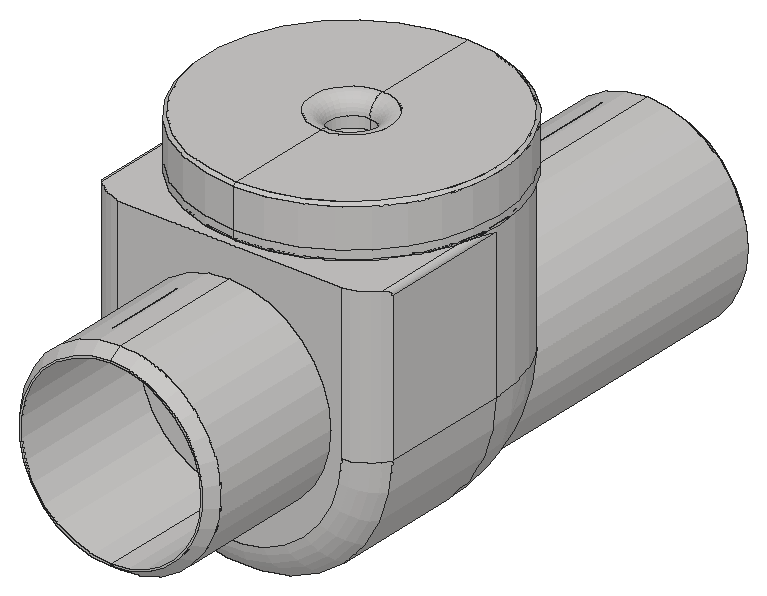
Revit family "Valve_Backwater-Zurn-Z1740", category Plumbing Fixtures, Revit 2022
Family settings
  Round Connector Dimension = Use Radius
  Part Type = Normal
  OmniClass Number = 23.65.55.14
  OmniClass Title = Valves for Liquid Services
  Work Plane-Based = No
  Always vertical = Yes
  Cut with Voids When Loaded = No
  Maintain Annotation Orientation = No
  Shared = No
  Room Calculation Point = No
Parameters (values of type "Z1740-4 Inch-Butt Weld Outlet")
  Youtube clip = ""
  Waste Connection = 1 = 1  # yes
  WFU = 1  # constant formula
  Vent Connection = 1 = 0  # no
  Valve Length = 15.000"  # constant formula
  URL = "www.zurn.com"
  Product data url = "https://www.bimobject.com/en/zurnindustries/product/zurn-z1740"
  Product Page URL = "https://www.zurn.com/products/drainage-interceptors/backwater-valves-traps-primers/z1740"
  Product Documentation Link = "https://files.zurn.com/spec-sheets/z1740.pdf"
  Pipe Size A (Nominal Radius) = [Pipe Size A (Diameter)] / 2  # 2.000"
  Pipe Size A (Inner Radius) = 2.013"
  Pipe Size A (Diameter) = 4.000"
  Pipe Size A (Actual Radius) = 2.250"
  Nominal Diameter [instance] = 4.000"
  Modified Date = "12/19/2025"  # constant formula
  Model = "Z1740"
  Manufacturer Brand = "Zurn"  # constant formula
  Manufacturer = "Zurn Water, LLC"  # constant formula
  Main Material = Steel - Zurn - Stainless - Type - 304
  HWFU = 0  # constant formula
  HW Connection = 1 = 0  # no
  Dimension K = 4.125"
  Dimension J = 6.750"
  Dimension G = 8.500"
  Dimension E = 5.625"
  Description = "BACKWATER VALVE"  # constant formula
  Default Elevation = 25.000"  # constant formula
  Date Created = "11/13/2018"  # constant formula
  CWFU = 0  # constant formula
  CW Connection = 1 = 0  # no
  Dimension B1 = Dimension B / 2  # 2.500"
  Dimension B = 5.000"
  Assembly Code = "D2040100"
  Dimension A1 = Dimension A / 2  # 2.000"
  Dimension A = 4.000"
  Approx. Wt. Lbs = 40.000"  # constant formula
Types (2): name | Model | Main Material
  Z1740-4 Inch-Butt Weld Outlet | "Z1740" | Steel - Zurn - Stainless - Type - 304
  ZM1740-4 Inch-Butt Weld Outlet | "ZM1740" | Steel - Zurn - Stainless - Type - 316
Reference planes (in)
  plane 1 "Center (Front/Back)": y = 0
  plane 2: z = 0
  plane 3 "Center (Left/Right)": x = 0
  plane 4: x = 2
  plane 5: x = -2
  plane 6: y = -6.75
  plane 7: z = -5.625
  plane 8: z = -4.125
  plane 9: y = 8.5
  plane 10: z = -3.375
  plane 11: z = -7.875
  plane 12: z = -3.612
  plane 13: z = -7.638
  plane 14: z = -1.875
  plane 15: z = -6.375
  plane 16: z = -2.112
  plane 17: z = -6.138
  plane 18: y = -2.5
  plane 19: y = 2.5
  plane 20: y = -3.31531
  plane 21: y = -0.50042
  plane 22: z = -0.75064
  plane 23: x = 3.25
  plane 24: x = -3.25
  plane 25: z = -1.1811
  plane 26: x = -2.25
  plane 27: x = 2.25
  plane 28: x = -3.25176
  plane 29: x = 3.25176
  plane 30: x = -2.25886
  plane 31: x = 2.25886
  plane 32: y = -3.42047
Forms (in)
  Revolve 1, solid, material "Steel - Zurn - Stainless - Type - 304" <- "Main Material", detail levels fine
    sketch origin (0, 0, 0) x (0, 1, 0) y (0, 0, 1)
      loop
        arc (-0.50042, -0.37532) -> (-0.61035, -0.10993) -> (-0.87574, 0) r 0.37532
        line (-0.87574, 0) -> (-3.24688, 0) -> (-3.31531, -0.06843) -> (-3.31531, -0.9383) -> (-3.31531, -1.125)
        arc (-3.31531, -1.125) -> (-3.26913, -1.14413) -> (-3.25, -1.19031) r 0.06531
        line (-3.25, -1.19031) -> (-3.25, -4.625)
        arc (-3.25, -4.625) -> (-2.2981, -6.9231) -> (0, -7.875) r 3.25
        line (0, -7.875) -> (0, -0.75064) -> (-0.37532, -0.75064)
        arc (-0.37532, -0.75064) -> (-0.46378, -0.71399) -> (-0.50042, -0.62553) r 0.12511
        line (-0.50042, -0.62553) -> (-0.50042, -0.37532)
      axis (0, -7.875) -> (0, 0)
    angle from 0 to 360
  Revolve 2, solid, material "Steel - Zurn - Stainless - Type - 304" <- "Main Material", detail levels fine
    sketch origin (0, 0, 0) x (0, 1, 0) y (0, 0, 1)
      loop
        line (8.30422, -3.375) -> (0, -3.375) -> (0, -3.612) -> (8.5, -3.612) -> (8.5, -3.57078) -> (8.30422, -3.375)
      axis (0, -5.625) -> (8.5, -5.625)
    angle from 0 to 360
  Revolve 3, solid, material "Steel - Zurn - Stainless - Type - 304" <- "Main Material", detail levels fine
    sketch origin (0, 0, 0) x (0, 1, 0) y (0, 0, 1)
      loop
        line (0, -2.112) -> (0, -1.875) -> (-6.4813, -1.875) -> (-6.75, -2.07316) -> (-6.75, -2.112) -> (0, -2.112)
      axis (-6.75, -4.13386) -> (0, -4.13386)
    angle from 0 to 360
  Extrusion 4, solid, material "Steel - Zurn - Stainless - Type - 304" <- "Main Material", detail levels fine
    sketch origin (0, 0, 0) x (1, 0, 0) y (0, 0, 1)
      loop
        arc (-3.25, -4.625) -> (0, -7.875) -> (3.25, -4.625) r 3.25
        line (3.25, -4.625) -> (3.25, -1.29375)
        arc (3.25, -1.29375) -> (3.21701, -1.2141) -> (3.13735, -1.1811) r 0.11265
        line (3.13735, -1.1811) -> (-3.13735, -1.1811)
        arc (-3.13735, -1.1811) -> (-3.21701, -1.2141) -> (-3.25, -1.29375) r 0.11265
        line (-3.25, -1.29375) -> (-3.25, -4.625)
    from 0 to 3.42047
  Sweep 5, void, detail levels fine
    path origin (0, 0, 0) x (1, 0, 0) y (0, 0, 1)
      loop
        line (-3.25, -0.88484) -> (-3.25, -4.625)
        arc (-3.25, -4.625) -> (0, -7.875) -> (3.25, -4.625) r 3.25
        line (3.25, -4.625) -> (3.25, -0.79764)
    profile origin (-3.25, 0, -2.75492) x (0, -1, 0) y (1, 0, 0)
      loop
        line (2.91635, -0.00272) -> (2.88714, -0.43643) -> (3.73858, -0.43643) -> (3.73858, 0.74467) -> (3.42047, 0.74467)
        arc (3.42047, 0.74467) -> (3.2547, 0.31277) -> (2.91635, -0.00272) r 1.02814
Cuts and joins
  Sweep 5 cuts Extrusion 4
  joined: Revolve 1, Revolve 2, Revolve 3, Extrusion 4
Lines and regions (in)
  Masking region 1, detail levels fine
    outline origin (0, 0, 0) x (1, 0, 0) y (0, 1, 0)
      loop
        line (0, 8.5) -> (-2.05422, 8.5) -> (-2.25, 8.30422) -> (-2.25, 2.43551)
        arc (-2.25, 2.43551) -> (-3.15283, 1.02541) -> (-3.25176, -0.64602) r 3.31654
        line (-3.25176, -0.64602) -> (-3.25176, -2.91801)
        arc (-3.25176, -2.91801) -> (-2.93643, -3.25523) -> (-2.50533, -3.42047) r 1.02814
        line (-2.50533, -3.42047) -> (-2.25886, -3.42047) -> (-2.25886, -6.4813) -> (-2.0607, -6.75) -> (0, -6.75) -> (2.0607, -6.75) -> (2.25886, -6.4813) -> (2.25886, -3.42047) -> (2.50533, -3.42047)
        arc (2.50533, -3.42047) -> (2.93643, -3.25523) -> (3.25176, -2.91801) r 1.02814
        line (3.25176, -2.91801) -> (3.25176, -0.64602)
        arc (3.25176, -0.64602) -> (3.15283, 1.02541) -> (2.25, 2.43551) r 3.31654
        line (2.25, 2.43551) -> (2.25, 8.30422) -> (2.05422, 8.5) -> (0, 8.5)
  model lines, detail levels coarse+medium
    curve 1: circle (0, 0, 0) r 3.31531 normal (0, 0, 1)
    curve 2: line (0, 0, 0) -> (0, 0, -7.875)
    curve 3: line (0, 0, -5.625) -> (0, 8.5, -5.625)
    curve 4: line (0, -6.75, -4.125) -> (0, 0, -4.125)
    curve 5: line (0, 8.5, -3.375) -> (0, 8.5, -7.875)
    curve 6: line (-2.25, 8.5, -5.625) -> (2.25, 8.5, -5.625)
    curve 7: line (0, -6.75, -1.875) -> (0, -6.75, -6.375)
    curve 8: line (2.25, -6.75, -4.125) -> (-2.25, -6.75, -4.125)
Dimensions and locks (in)
  equal spacing: plane 5, plane 3 "Center (Left/Right)", plane 4
  "Nominal Diameter": plane 5 to plane 4
  plane 1 "Center (Front/Back)" to plane 6 = 6.750"
  plane 9 to plane 1 "Center (Front/Back)" = 8.500"
  plane 2 to plane 8 = 4.125"
  plane 2 to plane 7 = 5.625"
  "Pipe Size A (Actual Radius)": plane 10 to plane 7
  "Pipe Size A (Actual Radius)": plane 7 to plane 11
  "Pipe Size A (Inner Radius)": plane 7 to plane 12
  "Pipe Size A (Inner Radius)": plane 7 to plane 13
  "Pipe Size A (Actual Radius)": plane 14 to plane 8
  "Pipe Size A (Actual Radius)": plane 8 to plane 15
  "Pipe Size A (Inner Radius)": plane 16 to plane 8
  "Pipe Size A (Inner Radius)": plane 8 to plane 17
  "Dimension E": plane 7 to level
  equal spacing: plane 18, plane 1 "Center (Front/Back)", plane 19
  "Dimension B": plane 18 to plane 19
  "Dimension J": plane 6 to plane 1 "Center (Front/Back)"
  "Dimension G": plane 1 "Center (Front/Back)" to plane 9
  "Dimension K": level to plane 8
  equal spacing: plane 27, plane 3 "Center (Left/Right)", plane 26
  "Pipe Size A (Actual Radius)": plane 3 "Center (Left/Right)" to plane 26
  "Pipe Size A (Actual Radius)": plane 27 to plane 3 "Center (Left/Right)"
  aligned and locked: level to plane 2
  aligned and locked: Revolve 3 sketch curve to plane 6
  aligned and locked: plane 10 to Revolve 2 sketch curve
  aligned and locked: Revolve 2 sketch curve to plane 1 "Center (Front/Back)"
  aligned and locked: plane 12 to Revolve 2 sketch curve
  aligned and locked: Revolve 2 sketch curve to plane 9
  aligned and locked: Revolve 3 sketch curve to plane 14
  aligned and locked: plane 16 to Revolve 3 sketch curve  (x2)
  aligned and locked: plane 1 "Center (Front/Back)" to Revolve 3 sketch curve
  aligned and locked: plane 20 to Revolve 1 sketch curve
  aligned and locked: level to Revolve 1 sketch curve
  aligned and locked: plane 1 "Center (Front/Back)" to Revolve 1 sketch curve
  aligned and locked: plane 21 to Revolve 1 sketch curve
  aligned and locked: plane 22 to Revolve 1 sketch curve
  aligned and locked: plane 3 "Center (Left/Right)" to curve 1
  aligned and locked: plane 1 "Center (Front/Back)" to curve 1
  aligned and locked: level to curve 2
  aligned and locked: plane 11 to curve 2
  aligned and locked: plane 1 "Center (Front/Back)" to curve 3
  aligned and locked: plane 9 to curve 3
  aligned and locked: plane 7 to curve 3
  aligned and locked: plane 1 "Center (Front/Back)" to curve 4
  aligned and locked: plane 6 to curve 4
  aligned and locked: curve 4 to plane 8
  aligned and locked: plane 10 to curve 5
  aligned and locked: plane 11 to curve 5
  aligned and locked: plane 9 to curve 5
  aligned and locked: plane 26 to curve 6
  aligned and locked: plane 27 to curve 6
  aligned and locked: plane 7 to curve 6
  aligned and locked: plane 14 to curve 7
  aligned and locked: plane 15 to curve 7
  aligned and locked: curve 7 to plane 6
  aligned and locked: plane 27 to curve 8
  aligned and locked: plane 26 to curve 8
  aligned and locked: curve 8 to plane 8
  aligned and locked: Masking region 1 sketch curve to cut or joined group of Revolve 1, Revolve 2, Revolve 3, Extrusion 4, Sweep 5  (x5)
  aligned and locked: Masking region 1 sketch curve to plane 27
  aligned and locked: plane 32 to cut or joined group of Revolve 1, Revolve 2, Revolve 3, Extrusion 4, Sweep 5
  aligned and locked: plane 30 to Masking region 1 sketch curve
  aligned and locked: plane 31 to Masking region 1 sketch curve
  aligned and locked: plane 28 to Masking region 1 sketch curve  (x2)
  aligned and locked: plane 29 to Masking region 1 sketch curve  (x2)
  aligned and locked: plane 32 to Masking region 1 sketch curve  (x2)
  aligned and locked: Masking region 1 sketch curve to plane 26
Automatic sketch dimensions
  Revolve 1 sketch curve to plane 1 "Center (Front/Back)" = 0.000"
  Revolve 1 sketch curve to Revolve 1 sketch curve = 0.12511"
  Revolve 1 sketch curve to level = 0.37532"
  Revolve 1 sketch curve to Revolve 1 sketch curve = 0.06531"
  Revolve 1 sketch curve to level = 1.19031"
  Revolve 1 sketch curve to Revolve 1 sketch curve = 0.1867"
  Revolve 1 sketch curve to level = 0.06843"
  Revolve 1 sketch curve to Revolve 1 sketch curve = 1.37535"
  level to Revolve 1 sketch curve = 3.97638"
  Revolve 1 sketch curve to Revolve 1 sketch curve = 0.06843"
  Extrusion 4 sketch curve to plane 3 "Center (Left/Right)" = 0.000"
  Extrusion 4 sketch curve to level = 1.1811"
  Extrusion 4 sketch curve to plane 3 "Center (Left/Right)" = 3.13735"
  Extrusion 4 sketch curve to Extrusion 4 sketch curve = 3.250"
  Extrusion 4 sketch curve to Extrusion 4 sketch curve = 0.11265"
  Sweep 5 sketch curve to plane 3 "Center (Left/Right)" = 0.000"
  Sweep 5 sketch curve to plane 3 "Center (Left/Right)" = 3.250"
  Sweep 5 sketch curve to level = 0.88484"
  Sweep 5 sketch curve to level = 0.79764"
  Sweep 5 sketch curve to profile plane = 0.8877"
  plane 1 "Center (Front/Back)" to Sweep 5 sketch curve = 2.40233"
  Sweep 5 sketch curve to Sweep 5 sketch curve = 1.01815"
  profile plane to Sweep 5 sketch curve = 0.43643"
  Sweep 5 sketch curve to Sweep 5 sketch curve = 0.31811"
  Sweep 5 sketch curve to profile plane = 0.74467"
  Sweep 5 sketch curve to Sweep 5 sketch curve = 0.85144"
  profile plane to Sweep 5 sketch curve = 0.00272"
  Revolve 1 sketch curve to Revolve 1 sketch curve = 2.49902"
  Extrusion 4 sketch curve to Extrusion 4 sketch curve = 3.33125"
  Sweep 5 sketch curve to Sweep 5 sketch curve = 3.82736"
  Revolve 2 sketch curve to Revolve 2 sketch curve = 0.98031"
  Revolve 2 sketch curve to Revolve 2 sketch curve = 0.19578"
  Revolve 2 sketch curve to Revolve 2 sketch curve = 4.72835"
  Revolve 2 sketch curve to Revolve 2 sketch curve = 2.013"
  Revolve 2 sketch curve to Revolve 2 sketch curve = 0.04122"
  plane 6 to Revolve 3 sketch curve = 0.2687"
  plane 16 to Revolve 3 sketch curve = 0.03884"
  plane 6 to Revolve 3 sketch curve = 0.01772"
  Revolve 3 sketch curve to plane 8 = 0.00886"
  Revolve 3 sketch curve to Revolve 3 sketch curve = 1.86246"
  Revolve 1 sketch curve to plane 20 = 0.000"
  Masking region 1 sketch curve to plane 3 "Center (Left/Right)" = 0.000"  (x2)
  Masking region 1 sketch curve to plane 26 = 0.1123"
  Masking region 1 sketch curve to Masking region 1 sketch curve = 0.24647"
  Masking region 1 sketch curve to plane 18 = 0.41801"
  plane 5 to Masking region 1 sketch curve = 0.0607"
  plane 5 to Masking region 1 sketch curve = 0.05422"
  Masking region 1 sketch curve to plane 1 "Center (Front/Back)" = 0.00007"  (x2)
  Masking region 1 sketch curve to plane 3 "Center (Left/Right)" = 0.00124"
  plane 3 "Center (Left/Right)" to Masking region 1 sketch curve = 0.00124"
  plane 4 to Masking region 1 sketch curve = 0.05422"
  plane 4 to Masking region 1 sketch curve = 0.0607"
  plane 1 "Center (Front/Back)" to Masking region 1 sketch curve = 0.64602"  (x2)
  plane 6 to Masking region 1 sketch curve = 0.2687"  (x2)
  plane 9 to Masking region 1 sketch curve = 0.19578"  (x2)
  radius of curve 1 = 3.31531"
Connectors (in)
  piping at (0, -6.75, -4.13386), diameter 4, driven by "Pipe Size A (Nominal Radius)", driven by "Waste Connection"
    settings: on cut or joined group of Revolve 1, Revolve 2, Revolve 3, Extrusion 4, Sweep 5, index 1, connector inside diameter 609.6 mm, connector length 0.000", flow factor 0, pipe flow 0.0 L/s, pressure drop 0.0 Pa, fitting loss kfactor 0, connector angle 0.00°, fixture units 0, engagement length 0.000", angle of deflection 0.00°, flow configuration 0, flow direction 1, fitting loss method 0, system type 16, joint type 0, gender type 0, connector reference index -1, connector utility 1, adjustable connector no, is connector primary yes, connector description "Inlet Connection"
  piping at (0, 8.5, -5.625), diameter 4, driven by "Pipe Size A (Nominal Radius)", driven by "Waste Connection"
    settings: on cut or joined group of Revolve 1, Revolve 2, Revolve 3, Extrusion 4, Sweep 5, index 2, connector inside diameter 609.6 mm, connector length 0.000", flow factor 0, pipe flow 0.0 L/s, pressure drop 0.0 Pa, fitting loss kfactor 0, connector angle 0.00°, fixture units 0, engagement length 0.000", angle of deflection 0.00°, flow configuration 0, flow direction 2, fitting loss method 0, system type 16, joint type 0, gender type 0, connector reference index -1, connector utility 1, adjustable connector no, is connector primary no, connector description "Outlet Connection"
